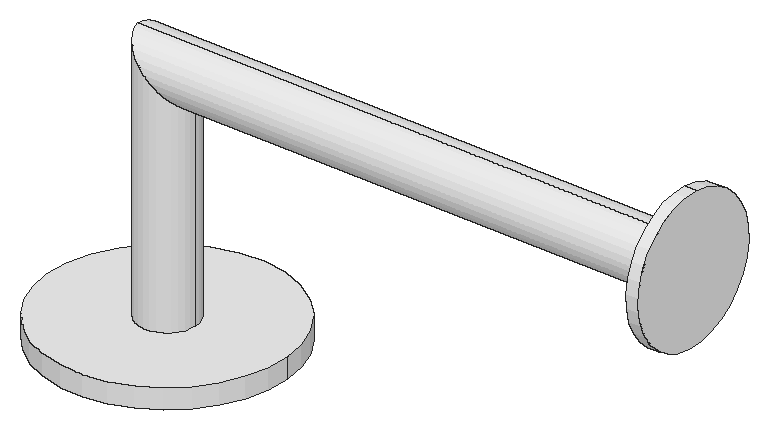
Revit family "RollHolder-Vitra-OriginSeries-A44887", category Plumbing Fixtures, host Face, Revit 2017
Family settings
  Host = Face
  Round Connector Dimension = Use Diameter
  Part Type = Normal
  OmniClass Number = 23.45.00.00
  OmniClass Title = Sanitary, Laundry, and Cleaning Equipment
  Cut with Voids When Loaded = No
  Shared = Yes
  Room Calculation Point = No
Parameters (values of type "RollHolder-Vitra-OriginSeries(Chrome)-A44887")
  Youtube = "https://www.youtube.com/user/VitrAglobal"
  Weight Net (kg) = "0.38"
  Waste Connection = no
  Warranty Period (Year) = "5 years"
  Vent Connection = no
  Uniformat II Description = "FURNISHINGS"
  Uniformat II Code = ""
  Uniclass 2015 Name = "Toilet roll holders"
  Uniclass 2015 Code = "Pr_40_20_76_88"
  Uniclass 2.0 Description = "Toilet Roll Holders"
  Uniclass 2.0 Code = "PR-35-75-88"
  Uniclass 1.4 Description = "Sanitary above ground pipes and fittings"
  Uniclass 1.4 Code = "L7313"
  URL = "https://vitraglobal.com/"
  UNSPSC Description = ""
  UNSPSC Code = ""
  Technical description = "https://www.vitra.co.uk/pdf/A44887/"
  Tap hole Options (default) = ""
  Specification = ""
  Region South America = "All"
  Region Oceania = "All"
  Region North America = "All"
  Region Middle East = "All"
  Region Europe = "All"
  Region Asia = "All"
  Region Antarctica = "All"
  Region Africa = "All"
  Product url = ""
  Product manual = ""
  Product group = "Roll Holder"
  Product family = "OriginSeries"
  Product data url = "https://www.vitraglobal.com/faucets-shower-systems-accessories/accessories/roll-holder/origin-roll-holder-chrome-sku-a44887"
  Product certification = "https://www.vitraglobal.com/brochures/"
  Product Type = "Built-in Roll Holder"
  Product SKU = "A44887"
  Product Properties = ""
  Product Guid = ""
  OmniClass Description = "Toilet and Bath Specialties"
  OmniClass Code = "23-31 25 00"
  Nominal Width (mm) = 165 mm
  Nominal Height (mm) = 60 mm
  Nominal Depth (mm) = 80 mm
  NBS Referans Description = "Toilet Roll Holders"
  NBS Referans Code = "35-75-88"
  Mounting type = "Wall Mounted"
  Model = "A44887"
  Masterformat 2014 Description = ""
  Masterformat 2014 Code = ""
  Manufacturer name = "Vitra"
  Manufacturer = "Vitra"
  Main Material = "Metal"
  Installation instructions = ""
  IFC Classification = "Sanitary Terminal"
  Help = ""
  HW Connection = no
  GTIP code = ""
  Features = ""
  EAN code = ""
  Design country = "Turkey"
  Description = "Origin Roll Holder"
  Default Elevation = 600 mm
  Color = "Chrome"
  Coating Material = Chrome
  Calculated flow = ""
  CW Connection = no
  COBIe Type Category = ""
  Brand = "VitrA"
  BIMobject category = "Sanitary - Bathroom Accessories"
  Article No. (default) = "A44887"
  Approvals = ""
  ApplicationType = ""
  Accessories (default) = ""
Types (4, lengths in mm): name | Technical description | Product data url | Product SKU | Model | Color | Coating Material | Article No. (default)
  RollHolder-Vitra-OriginSeries(Copper)-A4488726 | "https://www.vitra.co.uk/pdf/A4488726/" | "https://www.vitra.co.uk/bathroom-accessories/toilet-roll-brush-holders/toilet-roll-holders/origin-toilet-roll-holder-sku-A4488726/" | "A4488726" | "A4488726" | "Copper" | Copper | "A4488726"
  RollHolder-Vitra-OriginSeries(BrushedNickel)-A4488734 | "https://www.vitra.co.uk/pdf/A4488734/" | "https://www.vitra.co.uk/bathroom-accessories/toilet-roll-brush-holders/toilet-roll-holders/origin-toilet-roll-holder-sku-A4488734/" | "A4488734" | "A4488734" | "Brushed Nickel" | Brushed Nickel | "A4488734"
  RollHolder-Vitra-OriginSeries(MattBlack)-A4488736 | "https://www.vitra.co.uk/pdf/A4488736/" | "https://www.vitra.co.uk/bathroom-accessories/toilet-roll-brush-holders/toilet-roll-holders/origin-toilet-roll-holder-sku-A4488736/" | "A4488736" | "A4488736" | "Matt Black" | Black | "A4488736"
  RollHolder-Vitra-OriginSeries(Chrome)-A44887 | "https://www.vitra.co.uk/pdf/A44887/" | "https://www.vitraglobal.com/faucets-shower-systems-accessories/accessories/roll-holder/origin-roll-holder-chrome-sku-a44887" | "A44887" | "A44887" | "Chrome" | Chrome | "A44887"
Reference planes
  plane 1 "Center (Front/Back)": y = 0
  plane 2: z = 0
  plane 3 "Center (Left/Right)": x = 0
  plane 4: y = 28.952
  plane 5: y = -31.048
  plane 6: x = 133.45
  plane 7: x = -31.55
  plane 8: z = 80
Forms (mm)
  Extrusion 1, solid, material "Chrome" <- "Coating Material", detail levels medium+fine
    sketch origin (0, 0, 0) x (1, 0, 0) y (0, 1, 0)
      loop
        circle (0.45, 0.009) r 29
    from 0 to 5.037
  Extrusion 2, solid, material "Chrome" <- "Coating Material", detail levels medium+fine
    sketch origin (0, 0, 0) x (0, 1, 0) y (0, 0, 1)
      loop
        circle (0.009, 62.037) r 17.5
    from 130.45 to 133.45
  Sweep 3, solid, material "Chrome" <- "Coating Material", detail levels medium+fine
    path origin (0, 0, 0) x (1, 0, 0) y (0, 0, 1)
      loop
        line (130.45, 69.023) -> (-6.536, 69.023) -> (-6.536, 5.037)
    profile origin (61.957, 0, 69.023) x (0, 0, -1) y (0, -1, 0)
      loop
        circle (6.986, -0.009) r 7
  Extrusion 4, solid, detail levels coarse
    sketch origin (0, 0, 0) x (1, 0, 0) y (0, 1, 0)
      loop
        line (133.45, 28.952) -> (-31.55, 28.952) -> (-31.55, -31.048) -> (133.45, -31.048) -> (133.45, 28.952)
    from 0 to 80
Cuts and joins
  joined: Extrusion 1, Extrusion 2, Sweep 3
Dimensions and locks
  "Nominal Depth (mm)": plane 8 to host face
  "Nominal Height (mm)": plane 4 to plane 5
  "Nominal Width (mm)": plane 7 to plane 6
  aligned and locked: plane 2 to host face
  aligned and locked: level to host face
Automatic sketch dimensions
  host sketch curve to host sketch curve = 2438.4 mm  (x2)
  Extrusion 1 sketch curve to Extrusion 1 sketch curve = 0 mm  (x2)
  Extrusion 1 sketch curve to plane 1 "Center (Front/Back)" = 0.009 mm
  plane 3 "Center (Left/Right)" to Extrusion 1 sketch curve = 0.45 mm
  Extrusion 1 sketch curve to plane 7 = 3.057 mm
  Extrusion 1 sketch curve to plane 1 "Center (Front/Back)" = 1.83 mm
  Extrusion 1 sketch curve to Extrusion 1 sketch curve = 28.943 mm
  Extrusion 2 sketch curve to Extrusion 2 sketch curve = 0 mm  (x2)
  Extrusion 2 sketch curve to plane 1 "Center (Front/Back)" = 0.009 mm
  Extrusion 2 sketch curve to plane 8 = 17.963 mm
  plane 1 "Center (Front/Back)" to Extrusion 2 sketch curve = 1.089 mm
  Extrusion 2 sketch curve to plane 8 = 0.498 mm
  Extrusion 2 sketch curve to plane 1 "Center (Front/Back)" = 1.108 mm
  Sweep 3 sketch curve to plane 3 "Center (Left/Right)" = 6.536 mm
  Sweep 3 sketch curve to plane 8 = 10.977 mm
  plane 6 to Sweep 3 sketch curve = 3 mm
  level to Sweep 3 sketch curve = 5.037 mm
  Sweep 3 sketch curve to Sweep 3 sketch curve = 0 mm  (x2)
  Sweep 3 sketch curve to profile plane = 0 mm
  Sweep 3 sketch curve to plane 1 "Center (Front/Back)" = 0.009 mm
  Sweep 3 sketch curve to profile plane = 6.986 mm
  Sweep 3 sketch curve to plane 1 "Center (Front/Back)" = 0.449 mm
  Sweep 3 sketch curve to Sweep 3 sketch curve = 6.986 mm
  Extrusion 4 sketch curve to plane 4 = 0 mm
  Extrusion 4 sketch curve to plane 7 = 0 mm
  Extrusion 4 sketch curve to plane 5 = 0 mm
  Extrusion 4 sketch curve to plane 6 = 0 mm
